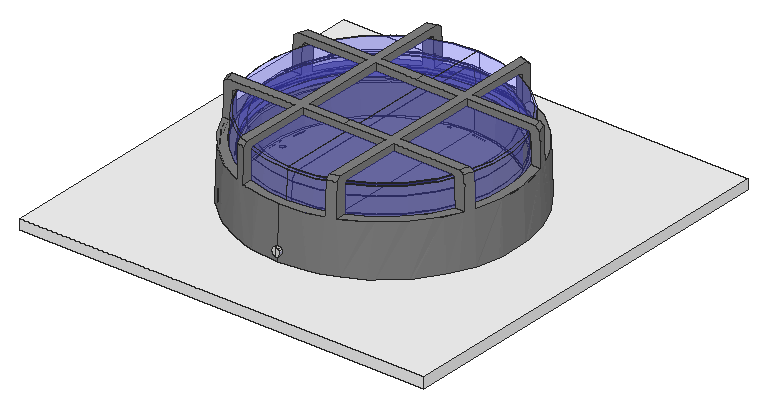
Revit family "BE_33504_de_DE", category Leuchten, Revit 2020
Family settings
  Basisbauteil = Fläche
  Bemaßung runder Anschluss = Durchmesser verwenden
  Teiletyp = Normal
  Beim Laden mit Abzugskörper schneiden = Ja
  Lichtquelle = Ja
  Gemeinsam genutzt = Nein
  Raumberechnungspunkt = Ja
Parameters (values of type "BEGA_33504_Grafit_K3")
  built-in parameter 1150104 = 10.459 (stored number, unit not read)
  Wattage = 16.3 W
  Default Elevation = 0 mm
  built-in parameter 1150113 = 1 (stored number, unit not read)
  built-in parameter 1114218 = 1 (stored number, unit not read)
  Umgebungstemperatur = "25 °C"
  URL = "https://www.bega.com/de/produkt/33504"
  Typenkommentare = "© 2022 BEGA. Wir behalten uns das Recht vor, technische Änderungen ohne vorherige Ankündigung vorzunehmen."  # constant formula
  Type Image = 33504.png
  built-in parameter 1150134 = (empty or 0)
  built-in parameter 1150109 = 1 (stored number, unit not read)
  Strom = ""
  built-in parameter 1150110 = 1 (stored number, unit not read)
  Spannung = 239.996 V
  Sonderanfertigung = no
  Seriennummer [instance] = "Hier können Sie die eindeutige Seriennummer für das Facility Management eintragen."
  Schutzklasse = "I"
  Schutzart = "IP 65"
  Scheinlast = 0 VA
  Produktdatenblatt = "https://cdn.bega.com/bega/products/33504K4/current/documents/data-sheets/de"
  Oberflächentemperatur = ""
  Neigungswinkel = 0.00°
  Modell = "33504K3"
  Material_11 = BEGA_Glas_opal
  Material_06 = BEGA_Oberfläche_Edelstahl_gebürstet
  Material_02 = BEGA_Oberfläche_Silber_matt
  Material_01 [instance] = BEGA_Oberfläche_Grafit_matt
  M_W = no
  M_G = yes
  M_A = no
  Logo = 0
  built-in parameter 1114217 = 1 (stored number, unit not read)
  built-in parameter 1150139 = (empty or 0)
  built-in parameter 1150105 = 539.6 (stored number, unit not read)
  built-in parameter 1150114 = 1 (stored number, unit not read)
  Lumens = 1835.05 lm
  built-in parameter 1150115 = 1 (stored number, unit not read)
  Leuchtenlichtstrom = "731 lm"
  Leuchtenanzahl = ""
  Lebensdauerkriterien = "L70B50 @ 25 °C = 200000 h"
  Lastklassifizierung = Beleuchtung
  built-in parameter 1150112 = 1 (stored number, unit not read)
  Lampenlichtstrom = "1755 lm"
  Lampe = "LED 10.4 W"
  LED_Modulbezeichnung = "LED-0381/930"
  built-in parameter 1150142 = (empty or 0)
  Hersteller = "BEGA"  # constant formula
  Halbstreuwinkel = ""
  Gewicht = "2.75 kg"
  Gebrauchslageneinschränkung [instance] = ""
  Frequenz = "0/50-60 Hz"
  Farbwiedergabeindex = "CRI > 90"
  Farbtemperaturverschiebung bei Dämpfen der Lampe = <Keine Auswahl>
  Farbtemperatur = "3000 K"
  Color Filter = 16777215
  built-in parameter 1150133 = 10 (stored number, unit not read)
  Energieeffizienzklasse = "LED A++ - A"
  built-in parameter 1150137 = (empty or 0)
  built-in parameter 1150132 = (empty or 0)
  ENEC = "ja"
  Dimmbar [instance] = "DALI"
  Datei für fotometrisches Netz = "BE_33504K3.IES"
  CE_Konformität = "ja"
  Bestellnummer = "33504K3"
  Beschreibung_Sonderanfertigung = "Hier können Sie Informationen zur Sonderanfertigung eintragen."
  Beschreibung = "Decken- und Wandleuchte"
  built-in parameter 1150106 = 5.396 (stored number, unit not read)
  Befestigungsbohrung = "Ø 4,5 mm"
  Befestigungsabstand = "200 mm"
  Ballwurfsicher = ""
  BEGA_Intern_aus = yes
  BEGA_Intern_an = yes
  BEGA_Intern_Konstruktion = yes
  BEGA_Intern = yes
  BEGA_IES3 = yes
  BEGA_IES2 = yes
  BEGA_IES1 = yes
  BEGA_IES = yes
  BEGA_Dummy = no
  Anschlussleitung = ""
  Anschlussleistung [instance] = "11.7 W"
  built-in parameter 1150107 = 3000 (stored number, unit not read)
  built-in parameter 1150102 = (empty or 0)
  built-in parameter 1150138 = (empty or 0)
  Aktualisierung = "2022-05-18T04:00:07"
  AC/DC = "AC/DC"
Types (4, lengths in mm): name | built-in parameter 1150104 | built-in parameter 1150134 | Modell | M_G | M_A | built-in parameter 1150105 | Lumens | Leuchtenlichtstrom | Lampenlichtstrom | LED_Modulbezeichnung | Farbtemperatur | Datei für fotometrisches Netz | Bestellnummer | built-in parameter 1150106 | built-in parameter 1150107
  BEGA_33504_Grafit_K3 | 10.459 (stored number, unit not read) | (empty or 0) | "33504K3" | yes | no | 539.6 (stored number, unit not read) | 1835.05 lm | "731 lm" | "1755 lm" | "LED-0381/930" | "3000 K" | "BE_33504K3.IES" | "33504K3" | 5.396 (stored number, unit not read) | 3000 (stored number, unit not read)
  BEGA_33504_Grafit_K4 | 11.086 (stored number, unit not read) | 12 | "33504K4" | yes | no | 571.94 (stored number, unit not read) | 1945.08 lm | "775 lm" | "1860 lm" | "LED-0381/940" | "4000 K" | "BE_33504K4.IES" | "33504K4" | 5.7194 (stored number, unit not read) | 4000 (stored number, unit not read)
  BEGA_33504_Silber_K4 | 11.086 (stored number, unit not read) | 12 | "33504AK4" | no | yes | 571.94 (stored number, unit not read) | 1945.08 lm | "775 lm" | "1860 lm" | "LED-0381/940" | "4000 K" | "BE_33504K4.IES" | "33504AK4" | 5.7194 (stored number, unit not read) | 4000 (stored number, unit not read)
  BEGA_33504_Silber_K3 | 10.459 (stored number, unit not read) | (empty or 0) | "33504AK3" | no | yes | 539.6 (stored number, unit not read) | 1835.05 lm | "731 lm" | "1755 lm" | "LED-0381/930" | "3000 K" | "BE_33504K3.IES" | "33504AK3" | 5.396 (stored number, unit not read) | 3000 (stored number, unit not read)
Reference planes
  plane 1 "Mitte (Vorne/Hinten)": y = 0
  plane 2: z = 0
  plane 3 "Mitte (Links/Rechts)": x = 0
  plane 4 "Links": x = -130.622
  plane 5 "Rechts": x = 130.622
  plane 6 "Unten": y = -130.622
  plane 7 "Oben": y = 130.622
  plane 8 "Vorne": z = 87.8
Forms (mm)
  Extrusion 1, solid, material "BEGA_Platte_Weiss"
    sketch origin (0, -1119.2, 0) x (1, 0, 0) y (0, 1, 0)
      loop
        line (-200, 1319.2) -> (-200, 919.2) -> (200, 919.2) -> (200, 1319.2) -> (-200, 1319.2)
    from 0 to -10
  Extrusion 2, solid, material "BEGA_Dummy_matt", visible <- "BEGA_Dummy"
    sketch origin (77.149, -76.023, 0) x (1, 0, 0) y (0, 1, 0)
      loop
        circle (-77.149, 76.023) r 130.622
    from 0 to 87.8
Dimensions and locks
  plane 1 "Mitte (Vorne/Hinten)" to Extrusion 1 = 200 mm
  aligned and locked: plane 2 to Extrusion 1
  aligned and locked: level to Extrusion 1
Nested families
  nested 1: "BE_33504" at (0, 0, 0) x (0, -1, 0) z (0, 0, 1), type "BE_33504"
Connectors
  electrical at (0, 0, 0), driven by "Lastklassifizierung", driven by "Spannung", driven by "Scheinlast"
    settings: index 1, voltage 239.996 V, apparent load 0 VA, apparent load phase1 0 VA, apparent load phase2 0 VA, apparent load phase3 0 VA, power factor 1, load classification "Beleuchtung", number of poles 1, system type 31, power factor state 1, is connector primary yes, connector utility no, sub classification motor no, connector description ""
Definition of nested family "BE_33504"
  Parameters (values of type "BE_33504")
    Default Elevation = 1 mm
    URL = "http://www.bega.de/de/produkt"
    Type Comments = "© 2015 BEGA. Wir behalten uns das Recht vor, technische Änderungen ohne vorherige Ankündigung vorzunehmen. "  # constant formula
    Type Image = (empty or 0)
    Material_17 = none
    Material_15 = none
    Material_11 = none
    Material_09 = none
    Material_06 = none
    Material_03 = none
    Material_02 = none
    Material_01 = none
    M_W = yes
    M_G = yes
    M_A = yes
    Länge_Platte = 200 mm  # constant formula
    Höhe_Platte = -10 mm  # constant formula
    Manufacturer = "BEGA"  # constant formula
    Breite_Platte = 200 mm  # constant formula
  Reference planes
    plane 1 "Mitte (Oben/Unten)": y = 0
    plane 2: z = 0
    plane 3 "Mitte (Links/Rechts)": x = 0
    plane 4 "Vorne": z = 87.8
    plane 5: x = -130.622
    plane 6: x = 130.622
    plane 7: y = -130.622
    plane 8: y = 130.622
  Forms (mm)
    Extrusion 1, solid, detail levels medium
      sketch origin (0, 0, 0) x (1, 0, 0) y (0, 1, 0)
        loop
          line (-100, 100) -> (-100, -100) -> (100, -100) -> (100, 100) -> (-100, 100)
      from 0 to -10 <- "Höhe_Platte"
    Revolve 2, solid, material <- "Material_01", visible <- "M_G", detail levels medium+fine
      sketch origin (0, 0, 0) x (1, 0, 0) y (0, 0, 1)
        loop
          line (-126.395, 43) -> (-126.5, 40) -> (-126.387, 36.758) -> (-114.594, 36.762) -> (-113.631, 0) -> (-111.1, 0) -> (-110.916, 7.026)
          arc (-110.916, 7.026) -> (-110.614, 7.716) -> (-109.916, 8) r 1
          line (-109.916, 8) -> (0, 8) -> (0, 10.7) -> (-110.126, 10.7)
          arc (-110.126, 10.7) -> (-110.824, 10.984) -> (-111.126, 11.674) r 1
          line (-111.126, 11.674) -> (-111.893, 41) -> (-115.1, 41) -> (-115.17, 43) -> (-126.395, 43)
        axis (0, 0) -> (0, 43)
      angle from 0 to 360
    Revolve 3, solid, material <- "Material_11", detail levels medium+fine
      sketch origin (0, 0, 0) x (1, 0, 0) y (0, 0, 1)
        loop
          line (-118.918, 77.435) -> (-119.866, 50.268)
          arc (-119.866, 50.268) -> (-120.17, 49.582) -> (-120.866, 49.3) r 1
          line (-120.866, 49.3) -> (-124.5, 49.3) -> (-124.5, 44.3) -> (-113.5, 44.3) -> (-113.5, 49.3) -> (-112.694, 64.65)
          arc (-112.694, 64.65) -> (-110.527, 69.372) -> (-105.702, 71.3) r 7.001
          line (-105.702, 71.3) -> (0, 71.3) -> (0, 79.3) -> (-117.052, 79.3) -> (-118.918, 77.435)
        axis (0, 79.3) -> (0, 44.3)
      angle from 0 to 360
    Revolve 4, solid, material <- "Material_02", visible <- "M_A", detail levels medium+fine
      sketch origin (0, 0, 0) x (1, 0, 0) y (0, 0, 1)
        loop
          line (-126.395, 43) -> (-126.5, 40) -> (-126.387, 36.758) -> (-114.594, 36.762) -> (-113.631, 0) -> (-111.1, 0) -> (-110.916, 7.026)
          arc (-110.916, 7.026) -> (-110.614, 7.716) -> (-109.916, 8) r 1
          line (-109.916, 8) -> (0, 8) -> (0, 10.7) -> (-110.126, 10.7)
          arc (-110.126, 10.7) -> (-110.824, 10.984) -> (-111.126, 11.674) r 1
          line (-111.126, 11.674) -> (-111.893, 41) -> (-115.1, 41) -> (-115.17, 43) -> (-126.395, 43)
        axis (0, 0) -> (0, 43)
      angle from 0 to 360
    Revolve 5, solid, material <- "Material_01", visible <- "M_G", detail levels medium+fine
      sketch origin (0, 0, 0) x (1, 0, 0) y (0, 0, 1)
        loop
          line (-128.447, 84.49) -> (-130.622, 1.4) -> (-128.086, 1.4) -> (-127.24, 49.9) -> (-120.785, 49.9) -> (-120.279, 78.888) -> (-117.689, 81.3) -> (0, 81.3) -> (0, 87.8) -> (-124.907, 87.8) -> (-128.447, 84.49)
        axis (0, 87.8) -> (0, 1.4)
      angle from 0 to 360
    Extrusion 6, void
      sketch origin (0, 0, 0) x (1, 0, 0) y (0, 1, 0)
        loop
          line (-49.17, 134.17) -> (-146.103, 134.17) -> (-146.103, 49.17) -> (-49.17, 49.17) -> (-49.17, 134.17)
        loop
          line (-40.83, 134.17) -> (-40.83, 49.17) -> (40.83, 49.17) -> (40.83, 134.17) -> (-40.83, 134.17)
        loop
          line (-49.17, 40.83) -> (-146.103, 40.83) -> (-146.103, -40.83) -> (-49.17, -40.83) -> (-49.17, 40.83)
        loop
          line (49.17, 134.17) -> (49.17, 49.17) -> (146.103, 49.17) -> (146.103, 134.17) -> (49.17, 134.17)
        loop
          line (-49.17, -134.17) -> (-49.17, -49.17) -> (-146.103, -49.17) -> (-146.103, -134.17) -> (-49.17, -134.17)
        loop
          line (-40.83, -134.17) -> (40.83, -134.17) -> (40.83, -49.17) -> (-40.83, -49.17) -> (-40.83, -134.17)
        loop
          line (49.17, -134.17) -> (146.103, -134.17) -> (146.103, -49.17) -> (49.17, -49.17) -> (49.17, -134.17)
        loop
          line (-40.83, 40.83) -> (-40.83, -40.83) -> (40.83, -40.83) -> (40.83, 40.83) -> (-40.83, 40.83)
        loop
          line (49.17, 40.83) -> (49.17, -40.83) -> (146.103, -40.83) -> (146.103, 40.83) -> (49.17, 40.83)
      from 51.9 to 87.8
    Extrusion 7, void
      sketch origin (0, 0, 0) x (1, 0, 0) y (0, 1, 0)
        loop
          circle (82.308, 20.05) r 7.5
        loop
          circle (82.308, -20.05) r 7.5
        loop
          circle (0, 100) r 2.25
        loop
          circle (0, -100) r 2.25
      from 0 to 14.2
    Revolve 8, solid, material <- "Material_06", detail levels fine
      sketch origin (0, 0, 0) x (1, 0, 0) y (0, 0, 1)
        loop
          line (130.568, 15.4) -> (130.568, 11.4) -> (133.2, 11.4) -> (133.2, 15.4) -> (130.568, 15.4)
        axis (130.568, 11.4) -> (133.2, 11.4)
      angle from 0 to 360
    Revolve 9, solid, material <- "Material_02", visible <- "M_A", detail levels medium+fine
      sketch origin (0, 0, 0) x (1, 0, 0) y (0, 0, 1)
        loop
          line (-128.447, 84.49) -> (-130.622, 1.4) -> (-128.086, 1.4) -> (-127.24, 49.9) -> (-120.785, 49.9) -> (-120.279, 78.888) -> (-117.689, 81.3) -> (0, 81.3) -> (0, 87.8) -> (-124.907, 87.8) -> (-128.447, 84.49)
        axis (0, 87.8) -> (0, 1.4)
      angle from 0 to 360
    Extrusion 10, void
      sketch origin (0, 0, 0) x (1, 0, 0) y (0, 1, 0)
        loop
          line (-49.17, 134.17) -> (-146.103, 134.17) -> (-146.103, 49.17) -> (-49.17, 49.17) -> (-49.17, 134.17)
        loop
          line (-40.83, 134.17) -> (-40.83, 49.17) -> (40.83, 49.17) -> (40.83, 134.17) -> (-40.83, 134.17)
        loop
          line (-49.17, 40.83) -> (-146.103, 40.83) -> (-146.103, -40.83) -> (-49.17, -40.83) -> (-49.17, 40.83)
        loop
          line (49.17, 134.17) -> (49.17, 49.17) -> (146.103, 49.17) -> (146.103, 134.17) -> (49.17, 134.17)
        loop
          line (-49.17, -134.17) -> (-49.17, -49.17) -> (-146.103, -49.17) -> (-146.103, -134.17) -> (-49.17, -134.17)
        loop
          line (-40.83, -134.17) -> (40.83, -134.17) -> (40.83, -49.17) -> (-40.83, -49.17) -> (-40.83, -134.17)
        loop
          line (49.17, -134.17) -> (146.103, -134.17) -> (146.103, -49.17) -> (49.17, -49.17) -> (49.17, -134.17)
        loop
          line (-40.83, 40.83) -> (-40.83, -40.83) -> (40.83, -40.83) -> (40.83, 40.83) -> (-40.83, 40.83)
        loop
          line (49.17, 40.83) -> (49.17, -40.83) -> (146.103, -40.83) -> (146.103, 40.83) -> (49.17, 40.83)
      from 51.9 to 87.8
  Cuts and joins
    Extrusion 7 cuts Revolve 2
    Extrusion 6, Extrusion 10 cuts Revolve 5
    Extrusion 7 cuts Revolve 3
    Extrusion 7 cuts Revolve 4
    Extrusion 10 cuts Revolve 9
  Dimensions and locks
    equal spacing: Extrusion 1 sketch curve, plane 3 "Mitte (Links/Rechts)", Extrusion 1 sketch curve
    equal spacing: Extrusion 1 sketch curve, plane 1 "Mitte (Oben/Unten)", Extrusion 1 sketch curve
    "Länge_Platte": Extrusion 1 sketch curve to Extrusion 1 sketch curve
    "Breite_Platte": Extrusion 1 sketch curve to Extrusion 1 sketch curve
    aligned and locked: plane 2 to Extrusion 1
    aligned and locked: level to Extrusion 1
  Automatic sketch dimensions
    Revolve 2 sketch curve to level = 0 mm
    Revolve 2 sketch curve to plane 3 "Mitte (Links/Rechts)" = 0 mm  (x2)
    level to Revolve 2 sketch curve = 8 mm
    Revolve 2 sketch curve to Revolve 2 sketch curve = 0.21 mm
    Revolve 2 sketch curve to Revolve 2 sketch curve = 1.184 mm
    Revolve 2 sketch curve to Revolve 2 sketch curve = 1.768 mm
    Revolve 2 sketch curve to Revolve 2 sketch curve = 2.531 mm
    level to Revolve 2 sketch curve = 36.762 mm
    Revolve 2 sketch curve to Revolve 2 sketch curve = 2.7 mm  (x2)
    level to Revolve 2 sketch curve = 41 mm
    Revolve 2 sketch curve to Revolve 2 sketch curve = 3.207 mm
    Revolve 2 sketch curve to Revolve 2 sketch curve = 0.07 mm
    level to Revolve 2 sketch curve = 36.758 mm
    Revolve 2 sketch curve to Revolve 2 sketch curve = 11.793 mm
    Revolve 2 sketch curve to Revolve 2 sketch curve = 0.008 mm
    Revolve 2 sketch curve to Revolve 2 sketch curve = 0.105 mm
    Revolve 2 sketch curve to Revolve 2 sketch curve = 1 mm  (x4)
    Revolve 2 sketch curve to Revolve 2 sketch curve = 3.242 mm
    Revolve 2 sketch curve to Revolve 2 sketch curve = 2 mm
    level to Revolve 2 sketch curve = 7.026 mm
    Revolve 2 sketch curve to Revolve 2 sketch curve = 0 mm  (x3)
    level to Revolve 2 sketch curve = 11.674 mm
    Revolve 2 sketch curve to Revolve 2 sketch curve = 44.268 mm
    Revolve 3 sketch curve to plane 3 "Mitte (Links/Rechts)" = 0 mm  (x2)
    level to Revolve 3 sketch curve = 64.65 mm
    Revolve 3 sketch curve to Revolve 3 sketch curve = 6.992 mm
    Revolve 3 sketch curve to Revolve 3 sketch curve = 0.806 mm
    Revolve 3 sketch curve to Revolve 3 sketch curve = 11.35 mm
    Revolve 3 sketch curve to Revolve 3 sketch curve = 1.865 mm
    level to Revolve 3 sketch curve = 50.268 mm
    Revolve 3 sketch curve to Revolve 3 sketch curve = 6.366 mm
    Revolve 3 sketch curve to Revolve 3 sketch curve = 0.999 mm
    Revolve 3 sketch curve to Revolve 3 sketch curve = 3.634 mm
    Revolve 3 sketch curve to Revolve 3 sketch curve = 0.968 mm  (x2)
    Revolve 3 sketch curve to Revolve 3 sketch curve = 5 mm
    Revolve 3 sketch curve to Revolve 3 sketch curve = 0.35 mm
    Revolve 3 sketch curve to Revolve 3 sketch curve = 12.785 mm
    Revolve 3 sketch curve to Revolve 3 sketch curve = 8 mm
    Revolve 3 sketch curve to Revolve 3 sketch curve = 13.411 mm
    Revolve 3 sketch curve to Revolve 3 sketch curve = 0 mm
    Revolve 4 sketch curve to level = 0 mm
    Revolve 4 sketch curve to plane 3 "Mitte (Links/Rechts)" = 0 mm  (x2)
    level to Revolve 4 sketch curve = 8 mm
    Revolve 4 sketch curve to Revolve 4 sketch curve = 0.21 mm
    Revolve 4 sketch curve to Revolve 4 sketch curve = 1.184 mm
    Revolve 4 sketch curve to Revolve 4 sketch curve = 1.768 mm
    Revolve 4 sketch curve to Revolve 4 sketch curve = 2.531 mm
    level to Revolve 4 sketch curve = 36.762 mm
    Revolve 4 sketch curve to Revolve 4 sketch curve = 2.7 mm  (x2)
    level to Revolve 4 sketch curve = 41 mm
    Revolve 4 sketch curve to Revolve 4 sketch curve = 3.207 mm
    Revolve 4 sketch curve to Revolve 4 sketch curve = 0.07 mm
    level to Revolve 4 sketch curve = 36.758 mm
    Revolve 4 sketch curve to Revolve 4 sketch curve = 11.793 mm
    Revolve 4 sketch curve to Revolve 4 sketch curve = 0.008 mm
    Revolve 4 sketch curve to Revolve 4 sketch curve = 0.105 mm
    Revolve 4 sketch curve to Revolve 4 sketch curve = 1 mm  (x4)
    Revolve 4 sketch curve to Revolve 4 sketch curve = 3.242 mm
    Revolve 4 sketch curve to Revolve 4 sketch curve = 2 mm
    level to Revolve 4 sketch curve = 7.026 mm
    Revolve 4 sketch curve to Revolve 4 sketch curve = 0 mm  (x3)
    level to Revolve 4 sketch curve = 11.674 mm
    Revolve 4 sketch curve to Revolve 4 sketch curve = 44.268 mm
    Extrusion 6 sketch curve to Extrusion 6 sketch curve = 0 mm  (x13)
    Extrusion 6 sketch curve to plane 3 "Mitte (Links/Rechts)" = 49.17 mm  (x2)
    Extrusion 6 sketch curve to Extrusion 6 sketch curve = 8.34 mm  (x10)
    plane 3 "Mitte (Links/Rechts)" to Extrusion 6 sketch curve = 40.83 mm  (x2)
    plane 1 "Mitte (Oben/Unten)" to Extrusion 6 sketch curve = 49.17 mm  (x2)
    Extrusion 6 sketch curve to plane 1 "Mitte (Oben/Unten)" = 40.83 mm  (x2)
    Extrusion 7 sketch curve to plane 3 "Mitte (Links/Rechts)" = 0 mm  (x2)
    plane 1 "Mitte (Oben/Unten)" to Extrusion 7 sketch curve = 20.05 mm
    plane 3 "Mitte (Links/Rechts)" to Extrusion 7 sketch curve = 82.308 mm
    Extrusion 7 sketch curve to Extrusion 7 sketch curve = 0 mm
    Extrusion 7 sketch curve to plane 1 "Mitte (Oben/Unten)" = 20.05 mm
    level to Revolve 8 sketch curve = 15.4 mm
    Revolve 8 sketch curve to Revolve 8 sketch curve = 2.632 mm
    Revolve 8 sketch curve to Revolve 8 sketch curve = 4 mm
    Revolve 8 sketch curve to Revolve 8 sketch curve = 0 mm  (x2)
    Revolve 8 sketch curve to Revolve 8 sketch curve = 2.035 mm
    Revolve 2 sketch curve to plane 3 "Mitte (Links/Rechts)" = 109.916 mm
    Revolve 3 sketch curve to plane 3 "Mitte (Links/Rechts)" = 105.702 mm
    Revolve 4 sketch curve to plane 3 "Mitte (Links/Rechts)" = 109.916 mm
    Extrusion 6 sketch curve to Extrusion 6 sketch curve = 96.933 mm  (x2)
    plane 3 "Mitte (Links/Rechts)" to Revolve 8 sketch curve = 130.568 mm
    Extrusion 6 sketch curve to Extrusion 6 sketch curve = 85 mm  (x3)
    plane 1 "Mitte (Oben/Unten)" to Extrusion 7 sketch curve = 100 mm
    Extrusion 7 sketch curve to plane 1 "Mitte (Oben/Unten)" = 100 mm
    plane 5 to Revolve 5 sketch curve = 0 mm
    Revolve 5 sketch curve to plane 4 "Vorne" = 0 mm  (x2)
    Revolve 5 sketch curve to plane 3 "Mitte (Links/Rechts)" = 0 mm  (x2)
    Revolve 5 sketch curve to plane 5 = 2.176 mm
    Revolve 5 sketch curve to Revolve 5 sketch curve = 3.54 mm
    Revolve 5 sketch curve to plane 5 = 9.838 mm
    Revolve 5 sketch curve to Revolve 5 sketch curve = 8.168 mm
    Revolve 5 sketch curve to Revolve 5 sketch curve = 2.589 mm
    Revolve 5 sketch curve to plane 4 "Vorne" = 3.31 mm
    Revolve 5 sketch curve to plane 4 "Vorne" = 6.5 mm
    Revolve 5 sketch curve to Revolve 5 sketch curve = 2.412 mm
    Revolve 5 sketch curve to Revolve 5 sketch curve = 28.988 mm
    level to Revolve 5 sketch curve = 1.4 mm
    Revolve 5 sketch curve to plane 5 = 2.536 mm
    Revolve 5 sketch curve to Revolve 5 sketch curve = 23.5 mm
    Revolve 5 sketch curve to plane 5 = 3.383 mm
    plane 5 to Revolve 9 sketch curve = 0 mm
    Revolve 9 sketch curve to plane 4 "Vorne" = 0 mm  (x2)
    Revolve 9 sketch curve to plane 3 "Mitte (Links/Rechts)" = 0 mm  (x2)
    Revolve 9 sketch curve to plane 5 = 2.176 mm
    Revolve 9 sketch curve to plane 5 = 2.536 mm
    Revolve 9 sketch curve to plane 5 = 3.383 mm
    Revolve 9 sketch curve to Revolve 9 sketch curve = 3.54 mm
    Revolve 9 sketch curve to Revolve 9 sketch curve = 6.455 mm
    Revolve 9 sketch curve to Revolve 9 sketch curve = 8.168 mm
    Revolve 9 sketch curve to Revolve 9 sketch curve = 2.589 mm
    Revolve 9 sketch curve to plane 4 "Vorne" = 3.31 mm
    Revolve 9 sketch curve to plane 4 "Vorne" = 6.5 mm
    Revolve 9 sketch curve to Revolve 9 sketch curve = 2.412 mm
    Revolve 9 sketch curve to Revolve 9 sketch curve = 28.988 mm
    level to Revolve 9 sketch curve = 1.4 mm
    Revolve 9 sketch curve to Revolve 9 sketch curve = 23.5 mm
    plane 5 to Extrusion 10 sketch curve = 15.481 mm  (x2)
    Extrusion 10 sketch curve to Extrusion 10 sketch curve = 0 mm  (x9)
    Extrusion 10 sketch curve to plane 3 "Mitte (Links/Rechts)" = 49.17 mm  (x2)
    plane 8 to Extrusion 10 sketch curve = 3.548 mm  (x3)
    plane 7 to Extrusion 10 sketch curve = 3.548 mm  (x3)
    Extrusion 10 sketch curve to Extrusion 10 sketch curve = 8.34 mm  (x10)
    plane 3 "Mitte (Links/Rechts)" to Extrusion 10 sketch curve = 40.83 mm  (x2)
    plane 6 to Extrusion 10 sketch curve = 15.481 mm
    plane 1 "Mitte (Oben/Unten)" to Extrusion 10 sketch curve = 49.17 mm  (x2)
    Extrusion 10 sketch curve to plane 1 "Mitte (Oben/Unten)" = 40.83 mm  (x2)
    radius of Extrusion 7 sketch curve = 7.5 mm  (x2)
    radius of Extrusion 7 sketch curve = 2.25 mm  (x2)
